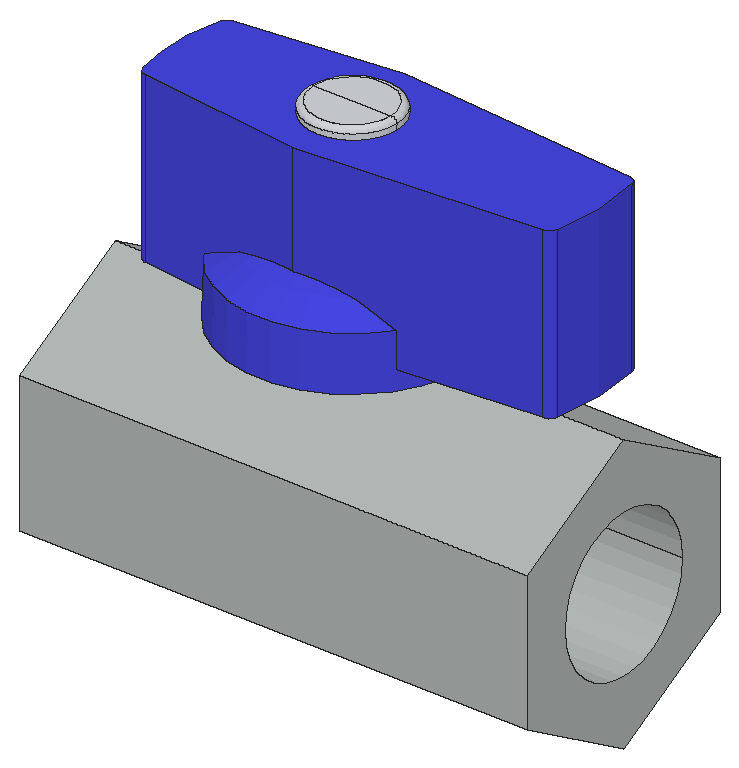
Revit family "QL10020000", category Apparecchi idraulici, Revit 2020
Family settings
  Quota connettore circolare = Usa diametro
  Tipo di parte = Normale
  Numero OmniClass = 23.45.00.00
  Titolo OmniClass = Sanitary, Laundry, and Cleaning Equipment
  Basato su piano di lavoro = No
  Sempre verticale = Sì
  Taglio con vuoti quando caricato = No
  Condiviso = No
  Punto di calcolo locali = No
Parameters
  URL = "https://web.cimberio.com/index.php/figura/960?subcategoria_id=47"
  Temperatura di esercizio = "-20 ÷ 95°C"
  Prospetto di default = 0 mm
  Produttore = "CIMBERIO SPA"
  Pressione nominale = "PN 150"
  Modello = "Cim 011BL"
  Materiale = "Prodotto in lega di ottone conforme alla norma EN 12165-CW617N-DW"
  Descrizione = "Realizzato in ottemperanza ai requisiti gestionali della norma EN ISO 9001.\r\nUtilizzato per la regolazione della temperatura degli ambienti e comandare apparecchi degli impianti di riscaldamento e condizionamento."
  DN Model [instance] = QL10021015 : QL10021015
  DN [instance] = 15 mm
  Commenti sul tipo = "Utilizzato nei più svariati settori dell'impiantistica: impianti di riscaldamento, condizionamento, idrici, igienico-sanitari, aria compressa e in generale con ogni fluido non corrosivo"
Reference planes
  plane 1 "Centro (Fronte/Retro)": y = 0
  plane 2: z = 0
  plane 3 "Centro (Sinistra/Destra)": x = 0
Dimensions and locks
  aligned and locked: level to plane 2
Nested families
  nested 1: "QL10021015" at (0, 0, 0), type <- "DN Model", type "QL10021015"
  nested 2: "QL10021015" at (0, 0, 0), type <- "DN Model", type "QL10021015"
  nested 3: "QL10021015" at (0, 0, 0), type <- "DN Model", type "QL10021015"
Connectors
  piping at (25.75, 0, 14), diameter 15, driven by "DN"
    settings: on nested 1, index 1, connector inside diameter 609.6 mm, connector length 0 mm, flow factor 0, pipe flow 0.0 L/s, pressure drop 0.0 Pa, fitting loss kfactor 0, connector angle 0.00°, fixture units 0, engagement length 0 mm, angle of deflection 0.00°, flow configuration 0, flow direction 0, fitting loss method 0, system type 7, joint type 0, gender type 0, connector reference index -1, connector utility 0, adjustable connector no, is connector primary yes, connector description ""
  piping at (-25.75, 0, 14), diameter 15, driven by "DN"
    settings: on nested 1, index 2, connector inside diameter 609.6 mm, connector length 0 mm, flow factor 0, pipe flow 0.0 L/s, pressure drop 0.0 Pa, fitting loss kfactor 0, connector angle 0.00°, fixture units 0, engagement length 0 mm, angle of deflection 0.00°, flow configuration 0, flow direction 0, fitting loss method 0, system type 7, joint type 0, gender type 0, connector reference index -1, connector utility 0, adjustable connector no, is connector primary no, connector description ""
Definition of nested family "QL10021015"
  Parameters (values of type "QL10021015")
    URL = "https://web.cimberio.com/index.php/figura/1418?subcategoria_id="
    Temperatura di esercizio = "-10 ÷ 110°C"
    Default Elevation = 0 mm
    Manufacturer = "CIMBERIO SPA"
    Pressione nominale = "PN 10"
    Model = "Cim 150VIC"
    Materiale = "Prodotto in lega di ottone conforme alla norma EN 12165-CW617N-DW"
    Description = "Utilizzato nei più svariati settori dell'impiantistica: impianti di riscaldamento, condizionamento, idrici, igienico-sanitari e in generale con ogni fluido non corrosivo"
    DN Model [instance] = HG00081015 : HG00081015
    DN [instance] = 15 mm
    Type Comments = "Realizzato in ottemperanza ai requisiti gestionali della norma EN ISO 9001.\r\nCollaudato al 100% secondo la normativa EN 12266-1"
  Reference planes
    plane 1 "Centro (Fronte/Retro)": y = 0
    plane 2: z = 0
    plane 3 "Centro (Sinistra/Destra)": x = 0
  Forms (mm)
    Extrusion 1, solid
      sketch origin (0, 0, 14) x (0, 1, 0) y (0, 0, 1)
        loop
          line (0, 14) -> (-12.124, 7) -> (-12.124, -7) -> (0, -14) -> (12.124, -7) -> (12.124, 7) -> (0, 14)
        loop
          circle (0, 0) r 7.5
      from -25.75 to 25.75
    Revolve 2, solid
      sketch origin (0, 0, 0) x (1, 0, 0) y (0, 0, 1)
        loop
          line (-1.75, 29.166) -> (-1.75, 38.235)
          arc (-1.75, 38.235) -> (-7.968, 37.443) -> (-13.555, 34.603) r 18.326
          line (-13.555, 34.603) -> (-13.65, 29.166) -> (-1.75, 29.166)
        axis (-1.75, 29.166) -> (-1.75, 38.235)
      angle from 0 to 360
    Revolve 3, solid
      sketch origin (0, 0, 0) x (1, 0, 0) y (0, 0, 1)
        loop
          line (-6.25, 48.586) -> (-6.25, 47.06) -> (-1.75, 47.06) -> (-1.75, 49.1) -> (-5.644, 49.1)
          arc (-5.644, 49.1) -> (-6.041, 48.954) -> (-6.25, 48.586) r 0.614
        axis (-1.75, 49.1) -> (-1.75, 47.06)
      angle from 0 to 360
    Extrusion 4, solid
      sketch origin (0, 0, 0) x (1, 0, 0) y (0, 1, 0)
        loop
          line (-2.375, 7.424) -> (-18.262, 5.5)
          arc (-18.262, 5.5) -> (-18.795, 5.265) -> (-19.106, 4.772) r 1
          arc (-19.106, 4.772) -> (-19.75, -0.042) -> (-19.084, -4.852) r 18
          arc (-19.084, -4.852) -> (-18.77, -5.343) -> (-18.237, -5.576) r 1
          line (-18.237, -5.576) -> (-1.75, -7.5) -> (21.908, -5.5)
          arc (21.908, -5.5) -> (22.493, -5.247) -> (22.806, -4.691) r 1
          arc (22.806, -4.691) -> (23.25, 0) -> (22.806, 4.691) r 25
          arc (22.806, 4.691) -> (22.493, 5.247) -> (21.908, 5.5) r 1
          line (21.908, 5.5) -> (-2.375, 7.424)
      from 31.1 to 48.1
  Dimensions and locks
    aligned and locked: level to plane 2
